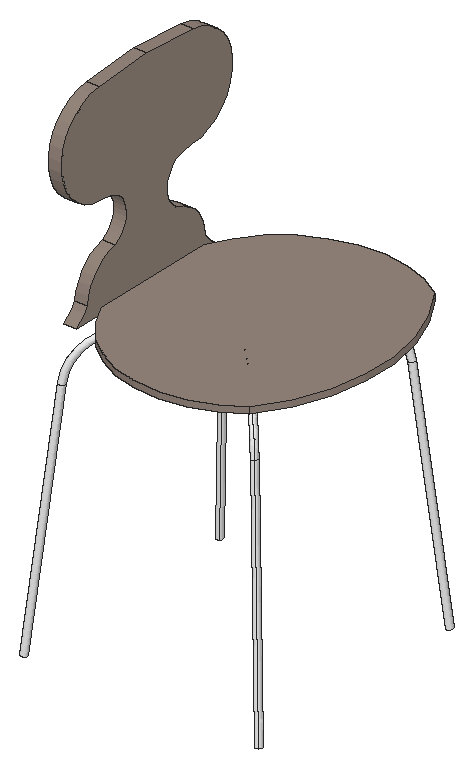
Revit family "Chair 3", category Furniture, Revit 2023
Family settings
  Work Plane-Based = No
  Enable Cutting in Views = No
  Always vertical = Yes
  Cut with Voids When Loaded = No
  Render Appearance Source = Family Geometry
  Shared = No
  Room Calculation Point = No
Parameters
  Keynote = "12600"
  Manufacturer = ""
  Default Elevation = 0 mm
  Bracket Material = Herman Miller - Finish 47 Trivalent Chrome
  Model = ""
  Cushion/Chair Back Material = Herman Miller - Veneer Z5 Maple
  BG_DIM_Width1 [instance] = 0 mm
  BG_DIM_Height1 [instance] = 0 mm
  BG_DIM_Depth1 [instance] = 0 mm
Reference planes
  plane 1 "Center F/B": y = -198.997
  plane 2: z = 0
  plane 3 "Center L/R": x = -1.022
Forms (mm)
  Sweep 1, solid, material "Herman Miller - Finish 47 Trivalent Chrome" <- "Bracket Material"
    path origin (61.052, -65.204, 45) x (0, 0, -1) y (0.707107, -0.707107, 0)
      loop
        line (45, -82.843) -> (-332.364, -36.508)
        arc (-332.364, -36.508) -> (-382.531, -10.114) -> (-402.615, 42.895) r 80
        line (-402.615, 42.895) -> (-402.615, 181.322)
    profile origin (18.855, -23.007, 188.682) x (-0.701836, 0.701836, 0.121869) y (-0.707107, -0.707107, 0)
      loop
        circle (0, 0) r 5
  Sweep 2, solid, material "Herman Miller - Finish 47 Trivalent Chrome" <- "Bracket Material"
    path origin (57.516, -325.168, 45) x (0, 0, -1) y (0.707107, 0.707107, 0)
      loop
        line (45, -82.843) -> (-332.364, -36.508)
        arc (-332.364, -36.508) -> (-382.531, -10.114) -> (-402.615, 42.895) r 80
        line (-402.615, 42.895) -> (-402.615, 181.322)
    profile origin (15.319, -367.364, 188.682) x (-0.701836, -0.701836, 0.121869) y (0.707107, -0.707107, 0)
      loop
        circle (0, 0) r 5
  Sweep 3, solid, material "Herman Miller - Finish 47 Trivalent Chrome" <- "Bracket Material"
    path origin (303.338, -65.204, 45) x (0, 0, -1) y (0.707107, 0.707107, 0)
      loop
        line (45, 82.843) -> (-332.364, 36.508)
        arc (-332.364, 36.508) -> (-382.531, 10.114) -> (-402.615, -42.895) r 80
        line (-402.615, -42.895) -> (-402.615, -181.322)
    profile origin (345.535, -23.007, 188.682) x (0.701836, 0.701836, 0.121869) y (-0.707107, 0.707107, 0)
      loop
        circle (0, 0) r 5
  Sweep 4, solid, material "Herman Miller - Finish 47 Trivalent Chrome" <- "Bracket Material"
    path origin (306.873, -325.168, 45) x (0, 0, -1) y (0.707107, -0.707107, 0)
      loop
        line (45, 82.843) -> (-332.364, 36.508)
        arc (-332.364, 36.508) -> (-382.531, 10.114) -> (-402.615, -42.895) r 80
        line (-402.615, -42.895) -> (-402.615, -181.322)
    profile origin (349.07, -367.364, 188.682) x (0.701836, -0.701836, 0.121869) y (0.707107, 0.707107, 0)
      loop
        circle (0, 0) r 5
  Extrusion 5, solid, material "Herman Miller - Veneer Z5 Maple" <- "Cushion/Chair Back Material"
    sketch origin (0, 0, 0) x (1, 0, 0) y (0, 1, 0)
      loop
        arc (340, -9.099) -> (152.776, 17.913) -> (32.728, -128.274) r 192.616
        line (32.728, -128.274) -> (32.728, -249.923)
        arc (32.728, -249.923) -> (152.776, -396.11) -> (340, -369.099) r 192.616
        arc (340, -369.099) -> (400.673, -189.099) -> (340, -9.099) r 297.34
    from 450 to 460
  Extrusion 6, solid, material "Herman Miller - Veneer Z5 Maple" <- "Cushion/Chair Back Material"
    sketch origin (390, -409.099, -27.081) x (0, 0, -1) y (0, 1, 0)
      loop
        arc (-498.809, 95.839) -> (-486.21, 86.065) -> (-477.081, 72.99) r 53.087
        line (-477.081, 72.99) -> (-477.081, 347.212)
        arc (-477.081, 347.212) -> (-486.21, 334.138) -> (-498.809, 324.364) r 53.087
        arc (-498.809, 324.364) -> (-539.073, 308.301) -> (-561.143, 270.989) r 67.175
        arc (-561.143, 270.989) -> (-601.737, 249.17) -> (-634.197, 281.887) r 38.521
        line (-634.197, 281.887) -> (-636.604, 298.938)
        arc (-636.604, 298.938) -> (-714.694, 376.726) -> (-796.127, 302.444) r 79.872
        line (-796.127, 302.444) -> (-802.584, 210.101) -> (-796.127, 117.759)
        arc (-796.127, 117.759) -> (-714.694, 43.477) -> (-636.604, 121.265) r 79.872
        line (-636.604, 121.265) -> (-634.197, 138.316)
        arc (-634.197, 138.316) -> (-601.737, 171.033) -> (-561.143, 149.213) r 38.521
        arc (-561.143, 149.213) -> (-539.073, 111.901) -> (-498.809, 95.839) r 67.175
    from -367.272 to -347.272
Dimensions and locks
  aligned and locked: plane 1 "Center F/B" to Extrusion 6
